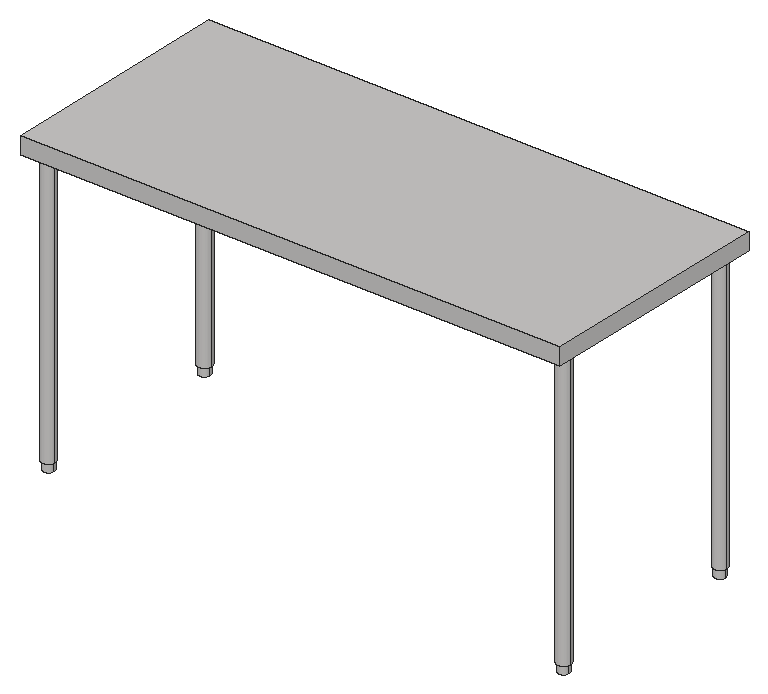
Revit family "QF_ELECTROLUXPROFESSIONAL_133051_TG1600EN", category Attrezzature speciali, Revit 2020
Family settings
  Quota connettore circolare = Usa diametro
  Tipo di parte = Normale
  Basato su piano di lavoro = No
  Sempre verticale = Sì
  Taglio con vuoti quando caricato = No
  Condiviso = No
  Punto di calcolo locali = No
Parameters (values of type "Standard")
  Weight = 50.00 kg
  Watts = 0 W
  Volts = 0 V
  URL Manufacturer = "https://www.electroluxprofessional.com/"
  URL = "https://www.electroluxprofessional.com/"
  Steam Supply Size = 0 mm
  Steam Supply Minimum Pressure = 0.0 Pa
  Steam Supply Maximum Pressure = 0.0 Pa
  Steam Consumption per Hour = 0
  Refrigeration Suction Line Size = 0.0 mm
  Refrigeration Liquid Line Size = 0.0 mm
  Refrigerant Compressor Remote = yes
  Prospetto di default = 0.0 mm
  Produttore = "Electrolux Professional"
  Phase = 0
  Modello = "TG1600EN"
  Length Actual = 1600.0 mm  # constant formula
  Item Number = "133051"
  Hot Water Size = 0 mm
  Height Actual = 900.0 mm  # constant formula
  HP = "0 HP"
  Gas Size = 0 mm
  Gas KW = 0
  Gas Input Pressure = 0 W
  Direct Waste Size = 0 mm
  Descrizione = "WORK TABLE 1600 MM"
  Depth Actual = 700.0 mm  # constant formula
  Cycle = 0 Hz
  Condensate Return Size = 0 mm
  Compressed Air Volume = 0.0 L/s
  Compressed Air Size = 0 mm
  Compressed Air Pressure = 0.0 Pa
  Cold Water Size = 0 mm
  Accessory = yes
Reference planes
  plane 1 "Center (Front/Back)": y = 0
  plane 2: z = 0
  plane 3 "Center (Left/Right)": x = -300
  plane 4 "LEFT": x = -1100
  plane 5 "RIGHT": x = 500
  plane 6 "BACK": y = 350
  plane 7 "FRONT": y = -350
  plane 8 "Base": z = 850
  plane 9 "TOP": z = 900
  plane 10: x = -1064.5
  plane 11: x = 464.5
  plane 12: y = 290
  plane 13: y = -290
Forms (mm)
  Extrusion 1, solid, material "QF_Finishes_Stainless Steel"
    sketch origin (-300, 0, 0) x (0, 1, 0) y (0, 0, 1)
      loop
        line (-350, 850) -> (350, 850) -> (350, 900) -> (-350, 900) -> (-350, 850)
    from 800 to -800
Lines and regions (mm)
  symbolic lines
    curve 1: line (500, 350, 900) -> (-1100, 350, 900)
    curve 2: line (-1100, 350, 900) -> (-1100, -350, 900)
    curve 3: line (-1100, -350, 900) -> (500, -350, 900)
    curve 4: line (500, -350, 900) -> (500, 350, 900)
Dimensions and locks
  plane 4 "LEFT" to plane 5 "RIGHT" = 1600.0 mm
  equal spacing: plane 4 "LEFT", plane 3 "Center (Left/Right)", plane 5 "RIGHT"
  locked: plane 8 "Base" to level at 850
  plane 4 "LEFT" to plane 10 = 35.5 mm
  plane 11 to plane 5 "RIGHT" = 35.5 mm
  plane 10 to plane 11 = 1529.0 mm
  locked: plane 9 "TOP" to level at 900
  plane 6 "BACK" to plane 12 = 60.0 mm
  plane 13 to plane 7 "FRONT" = 60.0 mm
  plane 6 "BACK" to plane 7 "FRONT" = 700.0 mm
  plane 12 to plane 13 = 580.0 mm
  equal spacing: plane 6 "BACK", plane 1 "Center (Front/Back)", plane 7 "FRONT"
  aligned and locked: level to plane 2
  aligned and locked: plane 10 to nested 1
  aligned and locked: nested 1 to plane 13
  aligned and locked: plane 11 to nested 2
  aligned and locked: nested 2 to plane 13
  aligned and locked: plane 11 to nested 4
  aligned and locked: nested 4 to plane 12
  aligned and locked: plane 10 to nested 3
  aligned and locked: nested 3 to plane 12
  aligned and locked: Extrusion 1 to plane 4 "LEFT"
  aligned and locked: plane 5 "RIGHT" to Extrusion 1
  aligned and locked: curve 2 to plane 4 "LEFT"
Automatic sketch dimensions
  Extrusion 1 sketch curve to plane 7 "FRONT" = 0.0 mm
  Extrusion 1 sketch curve to plane 8 "Base" = 0.0 mm
  curve 3 to plane 7 "FRONT" = 0.0 mm
  curve 4 to plane 6 "BACK" = 0.0 mm
  Extrusion 1 sketch curve to plane 9 "TOP" = 0.0 mm
  Extrusion 1 sketch curve to plane 6 "BACK" = 0.0 mm
  curve 4 to plane 5 "RIGHT" = 0.0 mm
Nested families
  nested 1: "FEET_D40" at (-1064.5, -290, 0), type "FEET_D40"
  nested 2: "FEET_D40" at (464.5, -290, 0), type "FEET_D40"
  nested 3: "FEET_D40" at (-1064.5, 290, 0), type "FEET_D40"
  nested 4: "FEET_D40" at (464.5, 290, 0), type "FEET_D40"
Definition of nested family "FEET_D40"
  Parameters
    Default Elevation = 0.0 mm
    FEET = 850.0 mm
  Reference planes
    plane 1 "Center (Front/Back)": y = 0
    plane 2: z = 0
    plane 3 "Center (Left/Right)": x = 0
    plane 4: z = 850
  Forms (mm)
    Extrusion 1, solid
      sketch origin (0, 0, 0) x (1, 0, 0) y (0, 1, 0)
        loop
          circle (0, 0.002) r 20
      from 25 to 845
    Extrusion 2, solid
      sketch origin (0, 0, 0) x (1, 0, 0) y (0, 1, 0)
        loop
          circle (0, 0) r 16
      from 0 to 25
    Extrusion 3, solid
      sketch origin (0, 0, 0) x (1, 0, 0) y (0, 1, 0)
        loop
          circle (0, 0.002) r 30
      from 845 to 850
  Lines and regions (mm)
    symbolic lines
      curve 1: line (0, -1.503, 0) -> (0, 1.508, 0)
      curve 2: line (1.561, 0, 0) -> (-1.439, 0, 0)
  Dimensions and locks
    "FEET": plane 4 to plane 2
    aligned and locked: level to plane 2
  Automatic sketch dimensions
    plane 1 "Center (Front/Back)" to Extrusion 2 sketch curve = 0.0 mm
    Extrusion 2 sketch curve to plane 3 "Center (Left/Right)" = 0.0 mm
    plane 1 "Center (Front/Back)" to curve 2 = 0.0 mm
    curve 1 to plane 3 "Center (Left/Right)" = 0.0 mm
    curve 2 to plane 3 "Center (Left/Right)" = 1.439 mm
    plane 3 "Center (Left/Right)" to curve 2 = 1.561 mm
    plane 1 "Center (Front/Back)" to curve 1 = 1.503 mm
    curve 1 to plane 1 "Center (Front/Back)" = 1.508 mm
    Extrusion 1 sketch curve to plane 3 "Center (Left/Right)" = 0.0 mm
    Extrusion 1 sketch curve to plane 1 "Center (Front/Back)" = 0.002 mm
    Extrusion 3 sketch curve to plane 3 "Center (Left/Right)" = 0.0 mm
    Extrusion 3 sketch curve to plane 1 "Center (Front/Back)" = 0.002 mm
    radius of Extrusion 2 sketch curve = 16.0 mm
    radius of Extrusion 1 sketch curve = 20.0 mm
    radius of Extrusion 3 sketch curve = 30.0 mm
